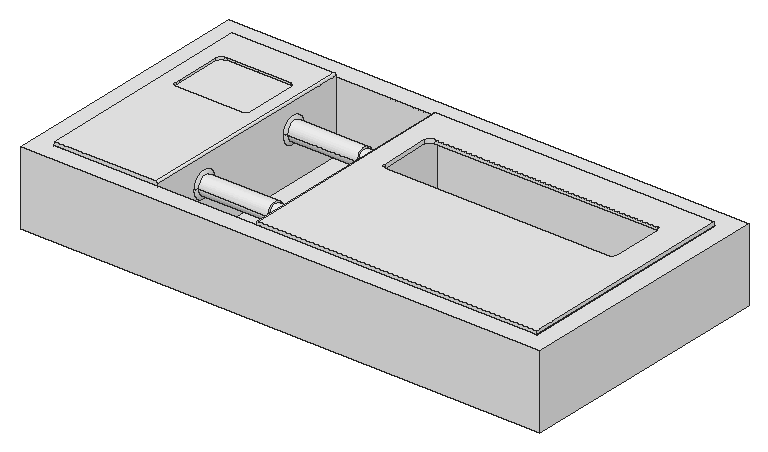
Revit family "Combination_Tissue_Toilet_Seat_Dispenser-Bobrick-ClassicSeries-B-30919", category Specialty Equipment, host Face, Revit 2014
Parameters (values of type "B-30919")
  Width = 28"  # constant formula
  URL = "http://www.bobrick.com/"
  Type Comments = ""
  Revised Date = "08/15/2019"  # constant formula
  Product Page URL = ""
  Product Documentation Link = ""
  Price = "Prices may vary. Please consult Manufacturer Representative for most up-to-date price list."  # constant formula
  Model = "B-30919"
  Material = "Stainless Steel-Bobrick-Type 304-Satin"
  Finish = Stainless Steel-Bobrick-Type 304-Satin
  Manufacturer = "Bobrick"
  Installation Type = "Surface-Mounted"
  Height = 14"  # constant formula
  Description = "ClassicSeries Toilet Seat-Cover Dispenser, Waste Disposal, and Toilet Tissue Dispenser"
  Depth = 3 15/16"  # constant formula
  Default Elevation = 17 7/8"  # constant formula
  Assembly Code = "C1030200"
  ADA Compliant = no
Reference planes (in)
  plane 1 "Center (Front/Back)": y = 0
  plane 2: z = 0
  plane 3 "Center (Left/Right)": x = 0
  plane 4: x = -14
  plane 5: y = -7
  plane 6: x = 14
  plane 7: y = 7
  plane 8: y = 5.96875
  plane 9: y = -5.96875
  plane 10: z = 3.9375
Forms (in)
  Extrusion 1, solid, material "Stainless Steel-Bobrick-Type 304-Satin" <- "Finish"
    sketch origin (0, 0, 3.9375) x (-1, 0, 0) y (0, 0, -1)
      loop
        line (13, 0) -> (13, 3.9375) -> (-13, 3.9375) -> (-13, 0) -> (-12.96875, 0) -> (-12.96875, -0.1875) -> (1.99609, -0.1875)
        arc (1.99609, -0.1875) -> (2.06515, -0.1589) -> (2.09375, -0.08984) r 0.09766
        line (2.09375, -0.08984) -> (2.09375, 3.80503) -> (7.40625, 3.80503) -> (7.40625, -0.0902)
        arc (7.40625, -0.0902) -> (7.43475, -0.159) -> (7.50355, -0.1875) r 0.0973
        line (7.50355, -0.1875) -> (12.96875, -0.1875) -> (12.96875, 0) -> (13, 0)
      loop
        line (7.48037, 3.80503) -> (7.48037, 0) -> (12.85834, 0) -> (12.85834, 3.80503) -> (7.48037, 3.80503)
      loop
        line (1.94083, 0) -> (1.94083, 3.75) -> (-12.80917, 3.75) -> (-12.80917, 0) -> (1.94083, 0)
    from -5.96875 to 5.96875
  Extrusion 2, void
    sketch origin (0, 0, 3.9375) x (-1, 0, 0) y (0, -1, 0)
      loop
        line (-11.33855, -4.14746) -> (0.5743, -4.14746)
        arc (0.5743, -4.14746) -> (0.8127, -4.04871) -> (0.91145, -3.81031) r 0.33715
        line (0.91145, -3.81031) -> (0.91145, -1.14746)
        arc (0.91145, -1.14746) -> (0.83823, -0.97069) -> (0.66145, -0.89746) r 0.25
        line (0.66145, -0.89746) -> (-11.33855, -0.89746)
        arc (-11.33855, -0.89746) -> (-11.51533, -0.97069) -> (-11.58855, -1.14746) r 0.25
        line (-11.58855, -1.14746) -> (-11.58855, -3.89746)
        arc (-11.58855, -3.89746) -> (-11.51533, -4.07424) -> (-11.33855, -4.14746) r 0.25
    from -1.22072 to 1.32811
  Extrusion 3, void
    sketch origin (0, 0, 3.9375) x (-1, 0, 0) y (0, -1, 0)
      loop
        line (12.16145, -3.81031) -> (12.16145, -1.14746)
        arc (12.16145, -1.14746) -> (12.08823, -0.97069) -> (11.91145, -0.89746) r 0.25
        line (11.91145, -0.89746) -> (8.36364, -0.89746)
        arc (8.36364, -0.89746) -> (8.18686, -0.97069) -> (8.11364, -1.14746) r 0.25
        line (8.11364, -1.14746) -> (8.11364, -3.89746)
        arc (8.11364, -3.89746) -> (8.18686, -4.07424) -> (8.36364, -4.14746) r 0.25
        line (8.36364, -4.14746) -> (11.8243, -4.14746)
        arc (11.8243, -4.14746) -> (12.0627, -4.04871) -> (12.16145, -3.81031) r 0.33715
    from 0.07719 to 0.7726
  Revolve 4, solid, material "Stainless Steel-Bobrick-Type 304-Satin" <- "Finish"
    sketch origin (0, 0, 2.6875) x (-1, 0, 0) y (0, -1, 0)
      loop
        arc (7.31867, -3.59629) -> (7.35609, -3.70749) -> (7.40625, -3.81356) r 1.00224
        line (7.40625, -3.81356) -> (7.40625, -3.10384) -> (2.09375, -3.10384) -> (2.09375, -3.81356)
        arc (2.09375, -3.81356) -> (2.15615, -3.67557) -> (2.19705, -3.52975) r 1.00224
        line (2.19705, -3.52975) -> (3.55123, -3.52975) -> (3.55123, -3.59629) -> (7.31867, -3.59629)
      axis (2.09375, -3.10384) -> (7.40625, -3.10384)
    angle from 0 to 360
  Revolve 5, solid, material "Stainless Steel-Bobrick-Type 304-Satin" <- "Finish"
    sketch origin (0, -6, 2.6875) x (-1, 0, 0) y (0, -1, 0)
      loop
        arc (7.31867, -3.59629) -> (7.35609, -3.70749) -> (7.40625, -3.81356) r 1.00224
        line (7.40625, -3.81356) -> (7.40625, -3.10384) -> (2.09375, -3.10384) -> (2.09375, -3.81356)
        arc (2.09375, -3.81356) -> (2.15615, -3.67557) -> (2.19705, -3.52975) r 1.00224
        line (2.19705, -3.52975) -> (3.55123, -3.52975) -> (3.55123, -3.59629) -> (7.31867, -3.59629)
      axis (2.09375, -3.10384) -> (7.40625, -3.10384)
    angle from 0 to 360
  Extrusion 6, solid, material "Stainless Steel-Bobrick-Type 304-Satin" <- "Finish"
    sketch origin (0, 0, 0) x (1, 0, 0) y (0, 1, 0)
      loop
        line (-14, 7) -> (-14, -7) -> (14, -7) -> (14, 7) -> (-14, 7)
      loop
        line (-13, 6) -> (-13, -6) -> (13, -6) -> (13, 6) -> (-13, 6)
    from 0 to 3.9375
Cuts and joins
  Extrusion 2, Extrusion 3 cuts Extrusion 1
Lines and regions (in)
  Masking region 1
    outline origin (0, 0, 0) x (1, 0, 0) y (0, 0, 1)
      loop
        line (14, 0) -> (14, 3.9375) -> (12.96875, 3.9375) -> (12.96875, 4.125) -> (-1.99609, 4.125)
        arc (-1.99609, 4.125) -> (-2.06515, 4.0964) -> (-2.09375, 4.02734) r 0.09766
        line (-2.09375, 4.02734) -> (-2.09375, 3.9375) -> (-7.40625, 3.9375) -> (-7.40625, 4.0277)
        arc (-7.40625, 4.0277) -> (-7.43475, 4.0965) -> (-7.50355, 4.125) r 0.0973
        line (-7.50355, 4.125) -> (-12.96875, 4.125) -> (-12.96875, 3.9375) -> (-14, 3.9375) -> (-14, 0) -> (14, 0)
  symbolic lines, detail levels medium+fine
    curve 1: line (13.0539, 0, 0) -> (-13.0539, 0, 0)
    curve 2: line (13, 0, 3.9375) -> (-2.09375, 0, 3.9375)
    curve 3: line (-13, 0, 3.9375) -> (-7.40625, 0, 3.9375)
Dimensions and locks (in)
  equal spacing: plane 5, plane 1 "Center (Front/Back)", plane 7
  "Height": plane 5 to plane 7
  equal spacing: plane 4, plane 3 "Center (Left/Right)", plane 6
  "Width": plane 4 to plane 6
  aligned and locked: plane 2 to host face
  aligned and locked: level to host face
Automatic sketch dimensions
  host sketch curve to host sketch curve = 96"  (x2)
  Extrusion 1 sketch curve to level = 0"
  Extrusion 1 sketch curve to plane 10 = 0"  (x4)
  Extrusion 1 sketch curve to plane 6 = 1"
  Extrusion 1 sketch curve to Extrusion 1 sketch curve = 1/32"
  Extrusion 1 sketch curve to Extrusion 1 sketch curve = 0.15958"
  plane 3 "Center (Left/Right)" to Extrusion 1 sketch curve = 1.94083"
  Extrusion 1 sketch curve to Extrusion 1 sketch curve = 0.05526"
  Extrusion 1 sketch curve to Extrusion 1 sketch curve = 0.15292"
  Extrusion 1 sketch curve to level = 0.13247"  (x2)
  Extrusion 1 sketch curve to Extrusion 1 sketch curve = 5 5/16"
  Extrusion 1 sketch curve to Extrusion 1 sketch curve = 0.07412"
  Extrusion 1 sketch curve to Extrusion 1 sketch curve = 0.0973"
  Extrusion 1 sketch curve to plane 4 = 1.14166"
  Extrusion 1 sketch curve to Extrusion 1 sketch curve = 0.11041"
  Extrusion 1 sketch curve to Extrusion 1 sketch curve = 0.14166"
  Extrusion 1 sketch curve to level = 3/16"
  Extrusion 1 sketch curve to plane 10 = 23/256"
  Extrusion 1 sketch curve to plane 10 = 0.0902"
  plane 1 "Center (Front/Back)" to Extrusion 2 sketch curve = 1.14746"
  Extrusion 2 sketch curve to plane 6 = 2.41145"
  Extrusion 2 sketch curve to Extrusion 2 sketch curve = 1/4"  (x2)
  plane 3 "Center (Left/Right)" to Extrusion 2 sketch curve = 0.5743"
  plane 3 "Center (Left/Right)" to Extrusion 2 sketch curve = 0.66145"
  Extrusion 2 sketch curve to Extrusion 2 sketch curve = 0.33715"
  Extrusion 2 sketch curve to plane 8 = 2.15844"
  plane 1 "Center (Front/Back)" to Extrusion 3 sketch curve = 1.14746"
  Extrusion 3 sketch curve to plane 4 = 5.88636"
  Extrusion 3 sketch curve to Extrusion 3 sketch curve = 1/4"  (x2)
  Extrusion 3 sketch curve to plane 4 = 2.1757"
  Extrusion 3 sketch curve to plane 4 = 2.08855"
  Extrusion 3 sketch curve to Extrusion 3 sketch curve = 0.33715"
  Extrusion 3 sketch curve to plane 8 = 2.15844"
  Revolve 4 sketch curve to plane 3 "Center (Left/Right)" = 1.21435"
  Revolve 4 sketch curve to Revolve 4 sketch curve = 0.8794"  (x2)
  Revolve 4 sketch curve to Revolve 4 sketch curve = 0.1033"
  Revolve 4 sketch curve to Revolve 4 sketch curve = 1.35418"
  Revolve 4 sketch curve to Revolve 4 sketch curve = 3.76744"
  Revolve 4 sketch curve to Revolve 4 sketch curve = 0.08758"
  plane 8 to Revolve 4 sketch curve = 2.15519"  (x2)
  Revolve 4 sketch curve to Revolve 4 sketch curve = 0.21727"
  Revolve 4 sketch curve to Revolve 4 sketch curve = 0.28381"
  Revolve 4 sketch curve to Revolve 4 sketch curve = 0.49245"
  Revolve 4 sketch curve to Revolve 4 sketch curve = 1.04252"
  Revolve 4 sketch curve to Revolve 4 sketch curve = 1/4"
  Revolve 4 sketch curve to Revolve 4 sketch curve = 0.4259"
  Revolve 5 sketch curve to plane 3 "Center (Left/Right)" = 1.21435"
  Revolve 5 sketch curve to Revolve 5 sketch curve = 0.8794"  (x2)
  Revolve 5 sketch curve to Revolve 5 sketch curve = 0.1033"
  Revolve 5 sketch curve to Revolve 5 sketch curve = 1.35418"
  Revolve 5 sketch curve to Revolve 5 sketch curve = 3.76744"
  Revolve 5 sketch curve to Revolve 5 sketch curve = 0.08758"
  plane 1 "Center (Front/Back)" to Revolve 5 sketch curve = 2.18644"  (x2)
  Revolve 5 sketch curve to Revolve 5 sketch curve = 0.21727"
  Revolve 5 sketch curve to Revolve 5 sketch curve = 0.28381"
  Revolve 5 sketch curve to Revolve 5 sketch curve = 0.49245"
  Revolve 5 sketch curve to Revolve 5 sketch curve = 1.04252"
  Revolve 5 sketch curve to Revolve 5 sketch curve = 1/4"
  Revolve 5 sketch curve to Revolve 5 sketch curve = 0.4259"
  Extrusion 6 sketch curve to plane 4 = 0"
  Extrusion 6 sketch curve to plane 6 = 0"
  plane 5 to Extrusion 6 sketch curve = 0"
  plane 7 to Extrusion 6 sketch curve = 0"
  Extrusion 6 sketch curve to plane 8 = 1/32"
  plane 4 to Extrusion 6 sketch curve = 1"
  plane 6 to Extrusion 6 sketch curve = 1"
  Extrusion 6 sketch curve to plane 9 = 1/32"
  Masking region 1 sketch curve to level = 0"
  Masking region 1 sketch curve to plane 4 = 0"
  Masking region 1 sketch curve to plane 10 = 0"  (x3)
  plane 6 to Masking region 1 sketch curve = 0"
  Masking region 1 sketch curve to Masking region 1 sketch curve = 1 1/32"
  plane 10 to Masking region 1 sketch curve = 3/16"
  Masking region 1 sketch curve to Masking region 1 sketch curve = 5.4652"
  Masking region 1 sketch curve to Masking region 1 sketch curve = 0.0973"
  plane 10 to Masking region 1 sketch curve = 23/256"
  Masking region 1 sketch curve to plane 3 "Center (Left/Right)" = 2 3/32"
  Masking region 1 sketch curve to Masking region 1 sketch curve = 25/256"
  plane 6 to Masking region 1 sketch curve = 1 1/32"
  curve 1 to level = 0"
  curve 3 to plane 10 = 0"
  curve 2 to plane 10 = 0"
  plane 4 to curve 1 = 0.9461"
  plane 4 to curve 3 = 1"
  curve 3 to curve 3 = 5 19/32"
  curve 2 to plane 3 "Center (Left/Right)" = 2 3/32"
  plane 6 to curve 2 = 1"
  plane 6 to curve 1 = 0.9461"
